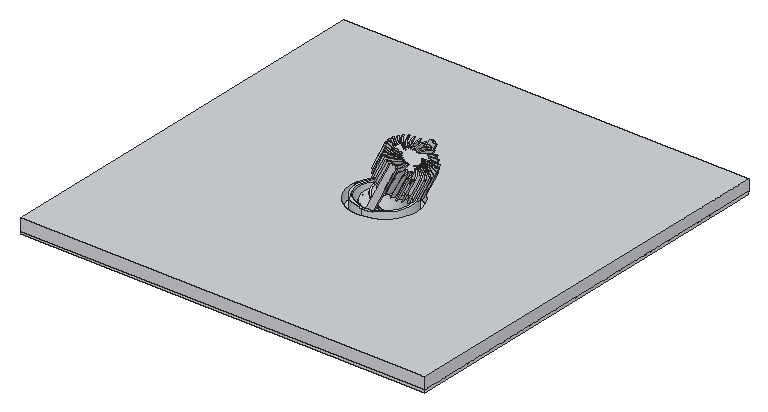
Revit family "Trimless-Ambiance-X80-Wallwasher", category Lighting Fixtures, Revit 2014
Parameters (values of type "Trimless Ambiance X80 Wallwasher")
  Wattage Comments = "19.5"
  Wattage = 8.3 W
  built-in parameter 1150110 = 1 (stored number, unit not read)
  Type Comments = "Recessed"
  Type = "Recessed Downlighter"
  built-in parameter 1114217 = 1 (stored number, unit not read)
  Tilt Angle = 60.00°
  built-in parameter 1150109 = 1 (stored number, unit not read)
  built-in parameter 1150134 = (empty or 0)
  built-in parameter 1150113 = 1 (stored number, unit not read)
  Photometric Web File = "G2204.ies"
  Dimension (mm) = "80"
  Model = "Trimless Ambiance X80 Wallwasher"
  Manufacturer = "Designed Architectural Lighting"
  Luminous flux of luminaire (lm) = "Up to 2000 lumens"
  Lumens = 1049.95 lm
  built-in parameter 1150115 = 1 (stored number, unit not read)
  built-in parameter 1150105 = 83.552 (stored number, unit not read)
  built-in parameter 1150137 = (empty or 0)
  built-in parameter 1150139 = (empty or 0)
  built-in parameter 1150112 = 1 (stored number, unit not read)
  built-in parameter 1150114 = 1 (stored number, unit not read)
  Lamp = "LED"
  built-in parameter 1150132 = (empty or 0)
  built-in parameter 1150102 = (empty or 0)
  built-in parameter 1150138 = (empty or 0)
  built-in parameter 1150107 = 3000 (stored number, unit not read)
  built-in parameter 1150106 = 0.83552 (stored number, unit not read)
  Height (mm) = "108"
  built-in parameter 1150104 = 11.752 (stored number, unit not read)
  Dimming Lamp Color Temperature Shift = <None>
  Description = "Recessed LED Trimless Round Wallwasher"
  Cut Out (mm) = "100"
  Colour temperature (K) = "2700 / 3000 / 3500 / 4000"
  Color Filter = 16777215
  CRI = "80"
  built-in parameter 1114218 = 1 (stored number, unit not read)
  built-in parameter 1150133 = 10 (stored number, unit not read)
  Apparent Load = 19.5 VA
  Aperture (mm) = "80"
Reference planes
  plane 1 "Light Source Axis (F/B)": y = 0
  plane 2: z = 0
  plane 3 "Light Source Axis (L/R)": x = 0
  plane 4 "Light Source Elevation": z = 0
Forms (mm)
  Extrusion 1, solid
    sketch origin (-10.457, 77.818, -9.635) x (0, 1, 0) y (-0.891007, 0, 0.45399)
      loop
        line (-42.842, 3.973) -> (-42.842, -5.043) -> (-40.957, -5.043) -> (-40.957, 3.973) -> (-42.842, 3.973)
    from 22.332 to 119.81
  Extrusion 2, void
    sketch origin (-3.886, -0.046, 2.026) x (-0.891007, 0, 0.45399) y (0.45399, 0, 0.891007)
      loop
        line (7.756, 98.378) -> (8.122, 100.419) -> (8.122, 107.291) -> (-7.99, 107.291) -> (-7.99, 100.73) -> (-7.36, 98.378)
        arc (-7.36, 98.378) -> (0.198, 105.935) -> (7.756, 98.378) r 7.558
    from 35.022 to 36.907
  Extrusion 3, solid
    sketch origin (-10.457, -0.125, -9.635) x (0, 1, 0) y (-0.891007, 0, 0.45399)
      loop
        line (-36.649, 3.973) -> (-36.649, -5.043) -> (-34.712, -5.043) -> (-34.712, 3.973) -> (-36.649, 3.973)
    from 22.332 to 120.091
  Extrusion 4, void
    sketch origin (-3.94, -76.052, 1.889) x (-0.891007, 0, 0.45399) y (0.45399, 0, 0.891007)
      loop
        line (7.756, 98.378) -> (8.122, 100.419) -> (8.122, 107.291) -> (-7.99, 107.291) -> (-7.99, 100.73) -> (-7.36, 98.378)
        arc (-7.36, 98.378) -> (0.198, 105.935) -> (7.756, 98.378) r 7.558
    from 39.278 to 41.215
  Extrusion 5, solid
    sketch origin (-10.107, -0.046, -9.814) x (0, 1, 0) y (-0.891007, 0, 0.45399)
      loop
        arc (-23.054, -24.619) -> (-23.449, -25.573) -> (-22.425, -25.708) r 0.651
        arc (-22.425, -25.708) -> (-12.521, -20.626) -> (-5.193, -12.245) r 29.606
        arc (-5.193, -12.245) -> (-4.029, -11.94) -> (-3.724, -13.104) r 0.851
        arc (-3.724, -13.104) -> (-8.953, -22.38) -> (-17.237, -29.071) r 28.332
        arc (-17.237, -29.071) -> (-17.407, -30.089) -> (-16.379, -29.991) r 0.651
        arc (-16.379, -29.991) -> (-7.872, -22.811) -> (-2.617, -12.996) r 29.606
        arc (-2.617, -12.996) -> (-1.551, -12.437) -> (-0.993, -13.503) r 0.851
        arc (-0.993, -13.503) -> (-4.123, -23.764) -> (-10.96, -32.031) r 27.343
        arc (-10.96, -32.031) -> (-10.932, -33.063) -> (-9.942, -32.771) r 0.651
        arc (-9.942, -32.771) -> (-2.961, -24.099) -> (0.324, -13.462) r 29.606
        arc (0.324, -13.462) -> (1.264, -12.71) -> (2.016, -13.65) r 0.851
        arc (2.016, -13.65) -> (1.011, -24.251) -> (-3.835, -33.732) r 28.332
        arc (-3.835, -33.732) -> (-3.576, -34.731) -> (-2.677, -34.224) r 0.651
        arc (-2.677, -34.224) -> (2.174, -24.204) -> (2.983, -13.101) r 29.606
        arc (2.983, -13.101) -> (3.815, -12.151) -> (4.676, -13.075) r 0.851
        arc (4.676, -13.075) -> (5.797, -23.579) -> (2.901, -33.739) r 27.686
        arc (2.901, -33.739) -> (3.346, -34.67) -> (4.132, -34.001) r 0.651
        arc (4.132, -34.001) -> (6.982, -23.239) -> (5.657, -12.186) r 29.606
        arc (5.657, -12.186) -> (6.21, -11.117) -> (7.279, -11.669) r 0.851
        arc (7.279, -11.669) -> (10.673, -21.762) -> (10.102, -32.395) r 28.332
        arc (10.102, -32.395) -> (10.745, -33.202) -> (11.36, -32.373) r 0.651
        arc (11.36, -32.373) -> (11.717, -21.246) -> (7.939, -10.774) r 29.606
        arc (7.939, -10.774) -> (8.237, -9.608) -> (9.403, -9.906) r 0.851
        arc (9.403, -9.906) -> (14.933, -19.098) -> (16.502, -29.711) r 27.343
        arc (16.502, -29.711) -> (17.287, -30.381) -> (17.733, -29.45) r 0.651
        arc (17.733, -29.45) -> (15.96, -18.459) -> (10.253, -8.9) r 29.606
        arc (10.253, -8.9) -> (10.323, -7.699) -> (11.524, -7.769) r 0.851
        arc (11.524, -7.769) -> (18.73, -15.608) -> (22.534, -25.554) r 28.332
        arc (22.534, -25.554) -> (23.45, -26.03) -> (23.674, -25.023) r 0.651
        arc (23.674, -25.023) -> (21.99, -19.492) -> (19.264, -14.393) r 29.606
        arc (19.264, -14.393) -> (18.828, -13.308) -> (18.866, -12.14) r 2.842
        arc (18.866, -12.14) -> (20.152, -10.935) -> (21.773, -11.627) r 1.612
        arc (21.773, -11.627) -> (25.097, -15.634) -> (27.241, -20.378) r 19.467
        arc (27.241, -20.378) -> (28.01, -20.793) -> (28.425, -20.024) r 0.618
        arc (28.425, -20.024) -> (25.556, -14.094) -> (20.964, -9.369) r 20.638
        arc (20.964, -9.369) -> (21.204, -7.425) -> (23.09, -6.896) r 1.768
        line (23.09, -6.896) -> (24.215, -7.679)
        arc (24.215, -7.679) -> (27.81, -10.735) -> (30.754, -14.422) r 24.551
        arc (30.754, -14.422) -> (31.784, -14.502) -> (31.596, -13.487) r 0.651
        arc (31.596, -13.487) -> (23.702, -5.638) -> (13.467, -1.259) r 29.606
        arc (13.467, -1.259) -> (12.817, -0.246) -> (13.83, 0.404) r 0.851
        arc (13.83, 0.404) -> (24.268, -1.703) -> (33.191, -7.514) r 28.332
        arc (33.191, -7.514) -> (34.212, -7.361) -> (33.801, -6.414) r 0.651
        arc (33.801, -6.414) -> (24.343, -0.541) -> (13.385, 1.423) r 29.606
        arc (13.385, 1.423) -> (12.524, 2.264) -> (13.365, 3.125) r 0.851
        arc (13.365, 3.125) -> (21.816, 3.633) -> (30.017, 1.532) r 27.343
        arc (30.017, 1.532) -> (30.615, 1.082) -> (30.948, 0.41) r 1.622
        arc (30.948, 0.41) -> (31.563, -0.972) -> (32.651, -2.022) r 3.959
        line (32.651, -2.022) -> (34.277, -2.022)
        arc (34.277, -2.022) -> (34.804, -1.804) -> (35.022, -1.277) r 0.745
        line (35.022, -1.277) -> (35.022, 1.958)
        arc (35.022, 1.958) -> (34.927, 2.684) -> (34.277, 3.023) r 0.793
        line (34.277, 3.023) -> (29.488, 3.023)
        arc (29.488, 3.023) -> (21.3, 4.88) -> (12.92, 4.364) r 29.606
        arc (12.92, 4.364) -> (11.914, 5.026) -> (12.575, 6.031) r 0.851
        arc (12.575, 6.031) -> (22.968, 8.352) -> (33.483, 6.672) r 28.332
        arc (33.483, 6.672) -> (34.353, 7.228) -> (33.592, 7.926) r 0.651
        arc (33.592, 7.926) -> (22.564, 9.444) -> (11.754, 6.781) r 29.606
        arc (11.754, 6.781) -> (10.594, 7.279) -> (11.206, 8.383) r 0.851
        arc (11.206, 8.383) -> (20.85, 12.695) -> (31.408, 13.081) r 27.686
        arc (31.408, 13.081) -> (32.156, 13.792) -> (31.276, 14.332) r 0.651
        arc (31.276, 14.332) -> (20.16, 13.718) -> (10.058, 9.042) r 29.606
        arc (10.058, 9.042) -> (8.87, 9.237) -> (9.065, 10.425) r 0.851
        arc (9.065, 10.425) -> (17.615, 16.772) -> (27.904, 19.514) r 28.332
        arc (27.904, 19.514) -> (28.473, 20.376) -> (27.495, 20.704) r 0.651
        arc (27.495, 20.704) -> (16.802, 17.605) -> (8.01, 10.776) r 29.606
        arc (8.01, 10.776) -> (6.809, 10.699) -> (6.732, 11.9) r 0.851
        arc (6.732, 11.9) -> (13.765, 20) -> (23.374, 24.772) r 27.343
        arc (23.374, 24.772) -> (23.768, 25.726) -> (22.745, 25.861) r 0.651
        arc (22.745, 25.861) -> (12.84, 20.779) -> (5.513, 12.398) r 29.606
        arc (5.513, 12.398) -> (4.348, 12.093) -> (4.044, 13.257) r 0.851
        arc (4.044, 13.257) -> (9.273, 22.533) -> (17.557, 29.224) r 28.332
        arc (17.557, 29.224) -> (17.726, 30.242) -> (16.699, 30.144) r 0.651
        arc (16.699, 30.144) -> (8.191, 22.964) -> (2.937, 13.149) r 29.606
        arc (2.937, 13.149) -> (1.871, 12.59) -> (1.312, 13.656) r 0.851
        arc (1.312, 13.656) -> (4.65, 23.619) -> (11.279, 31.771) r 29.395
        arc (11.279, 31.771) -> (11.158, 32.61) -> (10.311, 32.583) r 0.636
        arc (10.311, 32.583) -> (6.387, 28.179) -> (3.235, 23.193) r 35.963
        arc (3.235, 23.193) -> (2.121, 22.453) -> (0.792, 22.304) r 2.848
        arc (0.792, 22.304) -> (-0.123, 22.867) -> (-0.302, 23.927) r 1.3
        arc (-0.302, 23.927) -> (1.545, 28.889) -> (4.318, 33.4) r 27.242
        arc (4.318, 33.4) -> (4.201, 34.244) -> (3.357, 34.128) r 0.603
        arc (3.357, 34.128) -> (0.49, 29.464) -> (-1.42, 24.333) r 28.167
        arc (-1.42, 24.333) -> (-2.137, 22.603) -> (-3.867, 21.887) r 2.447
        arc (-3.867, 21.887) -> (-4.886, 22.309) -> (-5.308, 23.328) r 1.441
        arc (-5.308, 23.328) -> (-4.318, 28.647) -> (-2.339, 33.683) r 28.47
        arc (-2.339, 33.683) -> (-2.784, 34.615) -> (-3.569, 33.945) r 0.651
        arc (-3.569, 33.945) -> (-6.42, 23.183) -> (-5.095, 12.13) r 29.606
        arc (-5.095, 12.13) -> (-5.647, 11.061) -> (-6.716, 11.613) r 0.851
        arc (-6.716, 11.613) -> (-10.111, 21.706) -> (-9.54, 32.339) r 28.332
        arc (-9.54, 32.339) -> (-10.183, 33.147) -> (-10.797, 32.317) r 0.651
        arc (-10.797, 32.317) -> (-11.154, 21.19) -> (-7.376, 10.719) r 29.606
        arc (-7.376, 10.719) -> (-7.674, 9.553) -> (-8.84, 9.85) r 0.851
        arc (-8.84, 9.85) -> (-14.371, 19.043) -> (-15.94, 29.655) r 27.343
        arc (-15.94, 29.655) -> (-16.725, 30.325) -> (-17.17, 29.394) r 0.651
        arc (-17.17, 29.394) -> (-15.397, 18.403) -> (-9.691, 8.845) r 29.606
        arc (-9.691, 8.845) -> (-9.761, 7.643) -> (-10.962, 7.713) r 0.851
        arc (-10.962, 7.713) -> (-18.168, 15.553) -> (-21.971, 25.499) r 28.332
        arc (-21.971, 25.499) -> (-22.887, 25.975) -> (-23.111, 24.967) r 0.651
        arc (-23.111, 24.967) -> (-18.912, 14.657) -> (-11.201, 6.627) r 29.606
        arc (-11.201, 6.627) -> (-11.052, 5.373) -> (-12.315, 5.351) r 0.851
        arc (-12.315, 5.351) -> (-20.871, 11.547) -> (-26.484, 20.497) r 27.686
        arc (-26.484, 20.497) -> (-27.474, 20.79) -> (-27.502, 19.758) r 0.651
        arc (-27.502, 19.758) -> (-21.412, 10.439) -> (-12.311, 4.027) r 29.606
        arc (-12.311, 4.027) -> (-11.886, 2.901) -> (-13.012, 2.476) r 0.851
        arc (-13.012, 2.476) -> (-22.784, 6.707) -> (-30.303, 14.247) r 28.332
        arc (-30.303, 14.247) -> (-31.334, 14.309) -> (-31.129, 13.297) r 0.651
        arc (-31.129, 13.297) -> (-23.099, 5.587) -> (-12.789, 1.387) r 29.606
        arc (-12.789, 1.387) -> (-12.121, 0.385) -> (-13.123, -0.282) r 0.851
        arc (-13.123, -0.282) -> (-23.655, 1.759) -> (-32.591, 7.695) r 27.343
        arc (-32.591, 7.695) -> (-33.615, 7.559) -> (-33.22, 6.605) r 0.651
        arc (-33.22, 6.605) -> (-23.867, 0.568) -> (-12.945, -1.587) r 29.606
        arc (-12.945, -1.587) -> (-12.099, -2.443) -> (-12.954, -3.289) r 0.851
        arc (-12.954, -3.289) -> (-21.539, -3.693) -> (-29.851, -1.504) r 28.332
        arc (-29.851, -1.504) -> (-30.594, -0.781) -> (-30.67, 0.253) r 1.463
        arc (-30.67, 0.253) -> (-31.117, 1.332) -> (-32.196, 1.779) r 1.525
        line (-32.196, 1.779) -> (-34.016, 1.779)
        arc (-34.016, 1.779) -> (-34.564, 1.552) -> (-34.791, 1.004) r 0.775
        line (-34.791, 1.004) -> (-34.791, -2.388)
        arc (-34.791, -2.388) -> (-34.162, -2.907) -> (-33.359, -3.056) r 1.627
        line (-33.359, -3.056) -> (-28.629, -3.236)
        arc (-28.629, -3.236) -> (-20.536, -4.864) -> (-12.307, -4.193) r 29.606
        arc (-12.307, -4.193) -> (-11.29, -4.837) -> (-11.934, -5.854) r 0.851
        arc (-11.934, -5.854) -> (-22.215, -8.021) -> (-32.622, -6.576) r 30.549
        arc (-32.622, -6.576) -> (-33.575, -6.5) -> (-33.499, -7.453) r 0.628
        arc (-33.499, -7.453) -> (-27.146, -8.863) -> (-20.641, -9.032) r 33.883
        arc (-20.641, -9.032) -> (-19.635, -9.847) -> (-19.214, -11.07) r 2.349
        arc (-19.214, -11.07) -> (-19.594, -12.175) -> (-20.635, -12.706) r 1.559
        arc (-20.635, -12.706) -> (-25.604, -13.434) -> (-30.622, -13.229) r 27.016
        arc (-30.622, -13.229) -> (-31.353, -13.549) -> (-31.404, -14.346) r 0.767
        arc (-31.404, -14.346) -> (-25.434, -14.462) -> (-19.522, -13.62) r 37.102
        arc (-19.522, -13.62) -> (-18.249, -13.59) -> (-17.063, -14.054) r 3.232
        arc (-17.063, -14.054) -> (-16.4, -15.5) -> (-17.436, -16.707) r 1.475
        arc (-17.436, -16.707) -> (-22.297, -18.593) -> (-27.474, -19.21) r 20.786
        arc (-27.474, -19.21) -> (-28.202, -19.938) -> (-27.474, -20.666) r 0.728
        arc (-27.474, -20.666) -> (-16.753, -17.656) -> (-7.78, -11.061) r 31.094
        arc (-7.78, -11.061) -> (-6.676, -10.643) -> (-6.287, -11.757) r 0.824
        arc (-6.287, -11.757) -> (-13.398, -19.848) -> (-23.054, -24.619) r 27.732
    from 71.629 to 111
  Revolve 6, solid
    sketch origin (-10.107, -0.046, -9.814) x (0, 1, 0) y (0.45399, 0, 0.891007)
      loop
        line (24.699, 71.724) -> (0, 71.724) -> (0, 66.151) -> (24.699, 66.151) -> (24.699, 71.724)
      axis (0, 71.724) -> (0, 66.151)
    angle from 0 to 360
  Revolve 7, solid
    sketch origin (-0.273, -0.046, 0) x (0, 1, 0) y (0, 0, 1)
      loop
        line (38.75, 0.411) -> (39.647, 1.308) -> (39.647, 3.197) -> (48.993, 3.197) -> (48.993, 5.337) -> (41.236, 5.337) -> (41.236, 25.65) -> (37.686, 25.65) -> (37.686, 23.677) -> (38.75, 23.677) -> (38.75, 0.411)
      axis (0, 0.411) -> (0, 25.65)
    angle from 0 to 360
  Extrusion 8, solid
    sketch origin (66.068, -39.188, 0) x (0, 1, 0) y (-1, 0, 0)
      loop
        line (-261.085, 366.181) -> (-261.085, -233.819) -> (338.915, -233.819) -> (338.915, 366.181) -> (-261.085, 366.181)
      loop
        circle (38.915, 66.181) r 39
    from 0 to 3.197
  Extrusion 9, solid
    sketch origin (66.068, -38.961, 0) x (0, 1, 0) y (-1, 0, 0)
      loop
        line (-261.085, 366.181) -> (-261.085, -233.819) -> (338.915, -233.819) -> (338.915, 366.181) -> (-261.085, 366.181)
      loop
        circle (38.915, 66.181) r 50
    from 3.197 to 21.197
  Extrusion 10, solid
    sketch origin (0.317, -0.046, -1.889) x (0, 1, 0) y (-0.984808, 0, 0.173648)
      loop
        circle (0, -0.013) r 33.211
    from 15.031 to 17.946
  Revolve 11, solid
    sketch origin (-0.273, -0.046, -0.411) x (-1, 0, 0) y (0, 0, 1)
      loop
        arc (38.75, 0.411) -> (34.503, 10.147) -> (28.937, 19.194) r 75.773
        line (28.937, 19.194) -> (28.028, 19.033)
        arc (28.028, 19.033) -> (33.579, 10.041) -> (37.929, 0.411) r 82.153
        line (37.929, 0.411) -> (38.75, 0.411)
      axis (0, 19.194) -> (0, 0.411)
    angle from 0 to 360
  Extrusion 12, void
    sketch origin (-0.273, -0.046, -194.786) x (-1, 0, 0) y (0, 0, 1)
      loop
        line (29.671, 213.457) -> (30.218, 217.066) -> (-31.785, 215.984) -> (-41.169, 200.966) -> (29.671, 213.457)
    from -36.679 to 36.907
  Revolve 13, solid
    sketch origin (-10.107, -0.046, -9.814) x (0, 1, 0) y (0.45399, 0, 0.891007)
      loop
        line (24.711, 39.491) -> (23.561, 39.491)
        arc (23.561, 39.491) -> (17.427, 51.093) -> (13.342, 63.564) r 77.382
        line (13.342, 63.564) -> (21.367, 63.564) -> (21.367, 66.151) -> (10.9, 66.151)
        arc (10.9, 66.151) -> (15.108, 51.178) -> (22.481, 37.484) r 70.842
        line (22.481, 37.484) -> (24.711, 37.484) -> (24.711, 39.491)
      axis (0, 66.151) -> (0, 37.484)
    angle from 0 to 360
Cuts and joins
  Extrusion 2, Extrusion 4 cuts Extrusion 1
  Extrusion 4 cuts Extrusion 3
  Extrusion 12 cuts Revolve 11
Dimensions and locks
  aligned and locked: plane 3 "Light Source Axis (L/R)" to imposter light
  aligned and locked: plane 1 "Light Source Axis (F/B)" to imposter light
  aligned and locked: plane 4 "Light Source Elevation" to imposter light
  aligned and locked: level to plane 2
